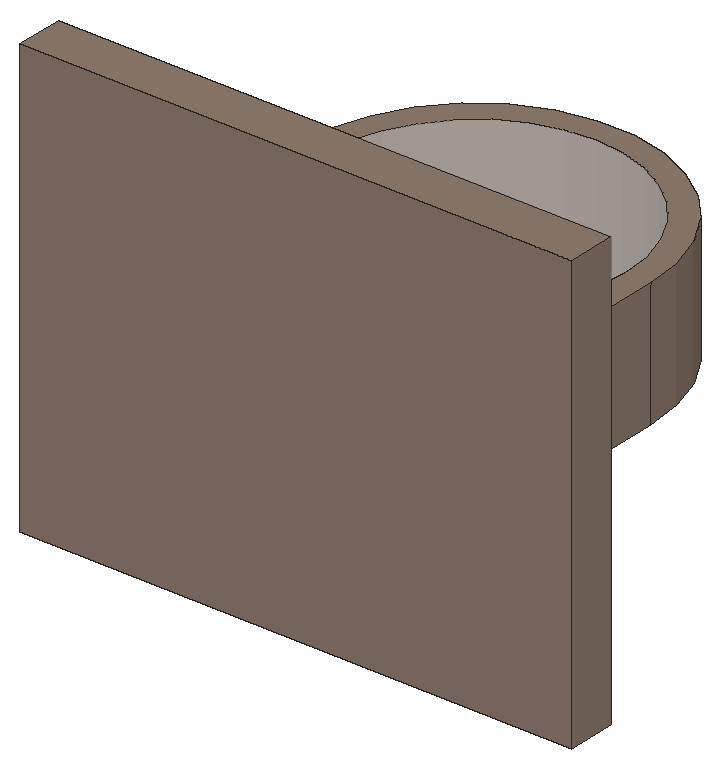
Revit family "3-720-xx - Eris Outdoor", category Lighting Fixtures, host Wall, Revit 2018
Family settings
  Host = Wall
  Round Connector Dimension = Use Diameter
  Part Type = Normal
  OmniClass Number = 23.80.70.00
  OmniClass Title = Lighting
  Always vertical = Yes
  Cut with Voids When Loaded = No
  Light Source = Yes
  Shared = No
  Room Calculation Point = No
Parameters (values of type "3-720-22 / Oiled Bronze - Frosted Glass")
  Wattage Comments = "1 x 10.1 W at 120 V"  # constant formula
  Wattage = 9.2903 W
  built-in parameter 1150110 = 1 (stored number, unit not read)
  Voltage Input = "120 V or 277 V - 50/60 Hz"  # constant formula
  Voltage = 120 V
  URL = "www.oxygenlighting.com"
  built-in parameter 1114217 = 1 (stored number, unit not read)
  built-in parameter 1150109 = 1 (stored number, unit not read)
  built-in parameter 1150134 = (empty or 0)
  built-in parameter 1150113 = 1 (stored number, unit not read)
  References = "Ref. 3 = 120 V / Ref. 37 = 277 V"  # constant formula
  Model = "3-720-xx / Eris Outdoor"  # constant formula
  Metal Finish = 22- Oiled Bronze
  Manufacturer = "Oxygen Lighting and Fans"  # constant formula
  Main Diffuser = Frosted Glass
  Lumens = 1380 lm
  built-in parameter 1150115 = 1 (stored number, unit not read)
  built-in parameter 1150105 = 109.82 (stored number, unit not read)
  Light Source Symbol Size = 609.6 mm
  built-in parameter 1150137 = (empty or 0)
  built-in parameter 1150139 = (empty or 0)
  built-in parameter 1150112 = 1 (stored number, unit not read)
  built-in parameter 1150114 = 1 (stored number, unit not read)
  Lamp = "LED Array"  # constant formula
  built-in parameter 1150132 = 2
  built-in parameter 1150102 = (empty or 0)
  built-in parameter 1150138 = (empty or 0)
  built-in parameter 1150107 = 3000 (stored number, unit not read)
  built-in parameter 1150106 = 1.0982 (stored number, unit not read)
  built-in parameter 1150104 = 13.8 (stored number, unit not read)
  Dimming Lamp Color Temperature Shift = <None>
  Color Filter = 16777215
  built-in parameter 1114218 = 1 (stored number, unit not read)
  built-in parameter 1150133 = 10 (stored number, unit not read)
Types (2, lengths in mm): name | Metal Finish
  3-720-16 / Gray - Frosted Glass | 16 - Gray
  3-720-22 / Oiled Bronze - Frosted Glass | 22- Oiled Bronze
Reference planes
  plane 1: y = 0
  plane 2 "Light Source Axis (L/R)": x = 125
  plane 3 "Light Source Axis (F/R)": y = 135
  plane 4 "Light Source Elevation": z = 1502.526
  plane 5: y = 75
Text (mm)
  text "Placement side" at (-1787.139, 1116.779, 0), in view "Ref. Level"
  text "Placement side" at (0, 2110.396, 2986.058), in view "Left"
  text "Placement side" at (0, 628.478, 3011.967), in view "Right"
Dimensions and locks
  locked: plane 4 "Light Source Elevation" to nested 1 at 60.141
  locked: plane 3 "Light Source Axis (F/R)" to plane 5 at 60
  aligned and locked: plane 1 to host wall
  aligned and locked: plane 2 "Light Source Axis (L/R)" to imposter light
  aligned and locked: plane 3 "Light Source Axis (F/R)" to imposter light
  aligned and locked: plane 4 "Light Source Elevation" to imposter light
  aligned and locked: plane 5 to host wall
  aligned and locked: plane 5 to nested 1
  aligned and locked: nested 1 to plane 2 "Light Source Axis (L/R)"
Nested families
  nested 1: "Family1" at (125, 75, 1502.702) x (-1, 0, 0) z (0, 0, 1), type "Family1"
Connectors
  electrical at (125, 75, 1502.526), driven by "Voltage"
    settings: on nested 1, index 1, voltage 120 V, apparent load 0 VA, apparent load phase1 0 VA, apparent load phase2 0 VA, apparent load phase3 0 VA, power factor 1, load classification "Other", number of poles 1, system type 31, power factor state 1, is connector primary yes, connector utility no, sub classification motor no, connector description ""
Definition of nested family "Family1"
  Parameters (values of type "Family1")
    Metal Finish = none
    Main Diffuser = none
  Reference planes
    plane 1 "Center (Front/Back)": y = 0
    plane 2: z = 0
    plane 3 "Center (Left/Right)": x = 0
  Forms (mm)
    Extrusion 1, solid, material <- "Metal Finish"
      sketch origin (0, 0, 0) x (1, 0, 0) y (0, 1, 0)
        loop
          line (75.978, -13.474) -> (75.978, 0) -> (-75.978, 0) -> (-75.978, -13.474) -> (75.978, -13.474)
      from -60.317 to 59.964
    Extrusion 2, solid, material <- "Metal Finish"
      sketch origin (0, 0, 0) x (1, 0, 0) y (0, 1, 0)
        loop
          line (-48.183, -13.474) -> (-48.183, -62.01)
          arc (-48.183, -62.01) -> (0.397, -110.59) -> (48.976, -62.01) r 48.58
          line (48.976, -62.01) -> (48.976, -13.474) -> (-48.183, -13.474)
        loop
          circle (0.397, -62.01) r 41.588
      from -17.425 to 17.495
    Extrusion 3, solid, material <- "Main Diffuser"
      sketch origin (0, 0, 0) x (1, 0, 0) y (0, 1, 0)
        loop
          circle (0.397, -62.01) r 41.588
      from -17.425 to 17.495
  Dimensions and locks
    aligned and locked: level to plane 2
